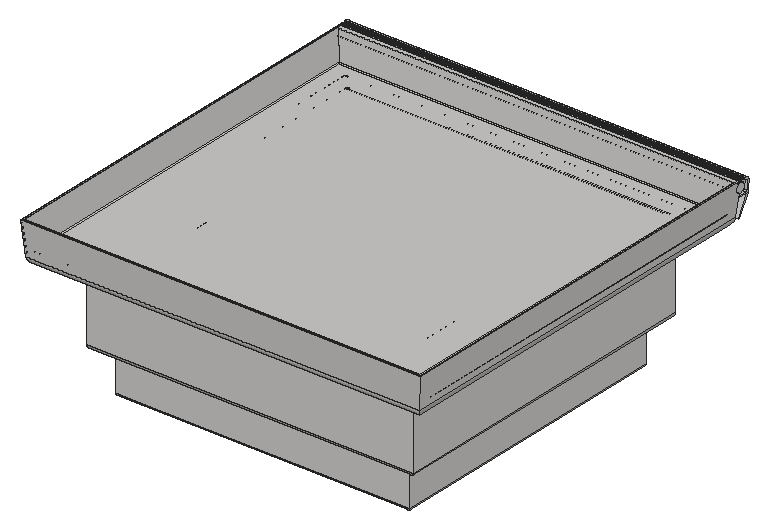
Revit family "NLRS_33_GM_FB_TC_STORAX_vloerluik_BV-GD_Thermo_BCB", category Generic Models, host Face, Revit 2014
Parameters (values of type "maatwerk")
  vullen_met_beton = "ja"  # constant formula
  vergrendeling = "nee"  # constant formula
  uitwendige_lengte = 752 mm
  uitwendige_breedte = 735 mm
  sluiting = "0"  # constant formula
  scharnierend = "ja"  # constant formula
  rubberen_afdichting = "enkel"  # constant formula
  productgroep = "Vloerluiken"  # constant formula
  materiaal = bcb_staal
  inbouwhoogte [instance] = 75 mm
  geïsoleerd = "ja"  # constant formula
  gewicht = "0"
  gasveer 2 = yes
  gasdrukveer = "ja"  # constant formula
  brandwerend 90 min = "nee"  # constant formula
  binnenmaat_lengte = uitwendige_lengte - 152 mm  # 600 mm
  binnenmaat_breedte = uitwendige_breedte - 135 mm  # 600 mm
  binnenluik = "tbv betonvulling"  # constant formula
  belasting = "125 kN"  # constant formula
  URL = ""
  Model = "BV"  # constant formula
  Manufacturer = "Storax"  # constant formula
  Default Elevation = 0 mm
Types (8, lengths in mm): name | uitwendige_lengte | uitwendige_breedte | gewicht | gasveer 2 | binnenmaat_lengte | binnenmaat_breedte
  (no name) | 752 | 735 | "0" | yes | 600 | 600
  BV-GD Thermo 66 | 752 | 735 | "32" | no | 600 | 600
  BV-GD Thermo 86 | 752 | 935 | "39" | yes | 600 | 800
  BV-GD Thermo 88 | 952 | 935 | "45" | yes | 800 | 800
  BV-GD Thermo 106 | 752 | 1135 | "46" | yes | 600 | 1000
  BV-GD Thermo 108 | 952 | 1135 | "51" | yes | 800 | 1000
  BV-GD Thermo 110 | 952 | 1135 | "58" | yes | 800 | 1000
  maatwerk | 752 | 735 | "0" | yes | 600 | 600
Reference planes
  plane 1 "Center (Front/Back)": y = 0
  plane 2: z = 0
  plane 3 "Center (Left/Right)": x = 0
  plane 4: y = 367.5
  plane 5: y = -367.5
  plane 6: x = 367.5
  plane 7: x = -367.5
  plane 8: z = -75
  plane 9: x = -325.5
  plane 10: y = 325.5
  plane 11: y = -325.5
  plane 12: x = 325.5
  plane 13: x = -205.5
  plane 14: x = 205.5
  plane 15: y = -205.5
  plane 16: y = 205.5
  plane 17 "o.k. luik": z = -53.988
  plane 18: y = 300
  plane 19: x = -299.5
  plane 20: x = 299.5
  plane 21: y = 365.4
  plane 22: y = 360.5
  plane 23: y = 384.5
  plane 24: x = -267
  plane 25: x = 267
  plane 26: y = -267
  plane 27: y = 267.5
  plane 28: x = -216
  plane 29: x = 216
Forms (mm)
  Sweep 1, solid, material "bcb_staal" <- "materiaal", detail levels medium+fine
    path origin (0, 0, 0) x (1, 0, 0) y (0, 1, 0)
      loop
        line (-367.5, 367.5) -> (-367.5, -367.5) -> (367.5, -367.5) -> (367.5, 367.5) -> (-367.5, 367.5)
    profile origin (-367.5, 0, 0) x (-1, 0, 0) y (0, 0, 1)
      loop
        line (0, 0) -> (-2.01, 0) -> (-8.062, -60.739)
        arc (-8.062, -60.739) -> (-19.025, -71.913) -> (-32.302, -63.62) r 12.5
        line (-32.302, -63.62) -> (-34.724, -56.679)
        arc (-34.724, -56.679) -> (-38.41, -54.001) -> (-42.212, -56.51) r 4
        line (-42.212, -56.51) -> (-44.362, -61.868)
        arc (-44.362, -61.868) -> (-48.269, -64.946) -> (-52.899, -63.13) r 5
        line (-52.899, -63.13) -> (-56.64, -57.982)
        arc (-56.64, -57.982) -> (-63.349, -55.792) -> (-67.5, -61.5) r 6
        line (-67.5, -61.5) -> (-67.5, -75) -> (-65.5, -75) -> (-65.5, -61.5)
        arc (-65.5, -61.5) -> (-62.734, -57.695) -> (-58.262, -59.152) r 4
        line (-58.262, -59.152) -> (-54.667, -64.109)
        arc (-54.667, -64.109) -> (-48.142, -66.947) -> (-42.504, -62.607) r 7
        line (-42.504, -62.607) -> (-40.356, -57.255)
        arc (-40.356, -57.255) -> (-38.451, -56.001) -> (-36.61, -57.346) r 2
        line (-36.61, -57.346) -> (-34.19, -64.279)
        arc (-34.19, -64.279) -> (-18.789, -73.899) -> (-6.071, -60.938) r 14.5
        line (-6.071, -60.938) -> (0, 0)
  Sweep 2, solid, material "bcb_staal" <- "materiaal", detail levels medium+fine
    path origin (0, 0, 0) x (1, 0, 0) y (0, 1, 0)
      loop
        line (-367.5, 360.5) -> (-367.5, -367.5) -> (367.5, -367.5) -> (367.5, 360.5) -> (-367.5, 360.5)
    profile origin (-367.5, -3.5, 0) x (-1, 0, 0) y (0, 0, 1)
      loop
        line (-10.487, -50.628) -> (-2.484, 0) -> (-4.5, 0) -> (-12.438, -50.313)
        arc (-12.438, -50.313) -> (-13.121, -51.538) -> (-14.437, -52.024) r 2.024
        line (-14.437, -52.024) -> (-67.5, -52.024) -> (-67.5, -53.988) -> (-14.751, -53.988)
        arc (-14.751, -53.988) -> (-11.962, -53.142) -> (-10.487, -50.628) r 4
  Sweep 3, solid, material "bcb_staal" <- "materiaal", detail levels coarse
    path origin (0, 0, 0) x (1, 0, 0) y (0, 1, 0)
      loop
        line (-367.5, 360.5) -> (-367.5, -367.5) -> (367.5, -367.5) -> (367.5, 360.5) -> (-367.5, 360.5)
    profile origin (-367.5, -3.5, 0) x (-1, 0, 0) y (0, 0, 1)
      loop
        line (0, 0) -> (-4.5, 0) -> (-12.74, -52.024) -> (-67.5, -52.024) -> (-67.5, -75) -> (-7.473, -75) -> (0, 0)
  Extrusion 4, solid, material "bcb_staal" <- "materiaal", detail levels medium+fine
    sketch origin (0, 0, 0) x (1, 0, 0) y (0, 1, 0)
      loop
        line (-300, 300) -> (-300, -300) -> (300, -300) -> (300, 300) -> (-300, 300)
    from -53.988 to -52
  Extrusion 5, solid, material "bcb_staal" <- "materiaal", detail levels coarse
    sketch origin (0, 0, 0) x (1, 0, 0) y (0, 1, 0)
      loop
        line (-300, 293) -> (-300, -300) -> (300, -300) -> (300, 293) -> (-300, 293)
    from -75 to -52.024
  Extrusion 6, void
    sketch origin (0, 0, 0) x (1, 0, 0) y (0, 1, 0)
      loop
        line (-205.5, -205.5) -> (205.5, -205.5) -> (205.5, 205.5) -> (-205.5, 205.5) -> (-205.5, -205.5)
    from -500 to 10
  Sweep 7, void
    path origin (0, 0, 0) x (1, 0, 0) y (0, 1, 0)
      loop
        line (-367.5, 367.5) -> (-367.5, -367.5) -> (367.5, -367.5) -> (367.5, 367.5) -> (-367.5, 367.5)
    profile origin (-367.5, 0, 0) x (-1, 0, 0) y (0, 0, 1)
      loop
        line (0.498, 5) -> (-162, 5) -> (-162, -365) -> (-65.5, -365) -> (-65.5, -75) -> (-7.473, -75) -> (0.498, 5)
  Extrusion 8, solid, material "bcb_staal" <- "materiaal", detail levels medium+fine
    sketch origin (0, 0, 0) x (0, 1, 0) y (0, 0, 1)
      loop
        line (379.61, 0) -> (377.11, 0) -> (377.11, -2) -> (379.61, -2)
        arc (379.61, -2) -> (381.378, -2.732) -> (382.11, -4.5) r 2.5
        line (382.11, -4.5) -> (382.11, -21.5)
        arc (382.11, -21.5) -> (381.378, -23.268) -> (379.61, -24) r 2.5
        line (379.61, -24) -> (365.11, -24) -> (365.11, -26) -> (379.61, -26)
        arc (379.61, -26) -> (382.792, -24.682) -> (384.11, -21.5) r 4.5
        line (384.11, -21.5) -> (384.11, -4.5)
        arc (384.11, -4.5) -> (382.792, -1.318) -> (379.61, 0) r 4.5
    from -367.5 to 367.5
  Extrusion 9, solid, material "bcb_staal" <- "materiaal", detail levels medium+fine
    sketch origin (0, 0, 0) x (0, 1, 0) y (0, 0, 1)
      loop
        line (361.507, -60.04) -> (363.234, -61.048) -> (383.411, -26.51) -> (383.411, -23.909)
        arc (383.411, -23.909) -> (382.649, -24.819) -> (381.676, -25.498) r 4.5
        line (381.676, -25.498) -> (361.507, -60.04)
    from -367.5 to 367.5
  Extrusion 10, solid, material "bcb_staal" <- "materiaal", detail levels medium+fine
    sketch origin (0, 0, 0) x (0, 1, 0) y (0, 0, 1)
      loop
        circle (365.4, -11) r 8
    from -367.5 to 367.5
  Extrusion 11, solid, material "bcb_staal" <- "materiaal", detail levels coarse
    sketch origin (0, 0, -2) x (0, 1, 0) y (0, 0, 1)
      loop
        line (363.234, -61.048) -> (384.11, -25.313) -> (384.11, 2) -> (354.11, 2) -> (354.11, -73) -> (360.226, -73) -> (361.417, -61.048) -> (363.234, -61.048)
    from -367.5 to 367.5
  Sweep 12, void
    path origin (0, 0, 0) x (1, 0, 0) y (0, 1, 0)
      loop
        line (-367.5, 367.5) -> (367.5, 367.5)
    profile origin (0, 367.5, 0) x (0, 1, 0) y (0, 0, 1)
      loop
        line (16.61, 2) -> (-13.39, 2) -> (-13.39, -75) -> (-7.473, -75) -> (-6.083, -61.048) -> (-4.266, -61.048) -> (16.61, -25.313) -> (16.61, 2)
  Extrusion 13, solid, material "bcb_staal" <- "materiaal", detail levels medium+fine
    sketch origin (0, 0, 0) x (0, 1, 0) y (0, 0, 1)
      loop
        arc (370.504, -2) -> (372.979, -3.025) -> (374.004, -5.5) r 3.5
        line (374.004, -5.5) -> (374.004, -7) -> (376.004, -7) -> (376.004, -5.5)
        arc (376.004, -5.5) -> (374.393, -1.611) -> (370.504, 0) r 5.5
        line (370.504, 0) -> (356, 0) -> (355.683, -2) -> (370.504, -2)
    from -367.5 to 367.5
  Sweep 14, solid, material "bcb_staal" <- "materiaal"
    path origin (0, 0, 0) x (1, 0, 0) y (0, 1, 0)
      loop
        line (-367.5, 367.5) -> (-367.5, -367.5) -> (367.5, -367.5) -> (367.5, 367.5) -> (-367.5, 367.5)
    profile origin (-367.5, 0, 0) x (-1, 0, 0) y (0, 0, 1)
      loop
        line (-85.5, -215) -> (-85.5, -213.5) -> (-96.505, -213.5)
        arc (-96.505, -213.5) -> (-98.27, -214.234) -> (-99, -216) r 2.5
        line (-99, -216) -> (-99, -294)
        arc (-99, -294) -> (-99.293, -294.707) -> (-100.001, -295) r 1
        line (-100.001, -295) -> (-139.5, -295) -> (-139.5, -296.5) -> (-100.003, -296.5)
        arc (-100.003, -296.5) -> (-98.235, -295.768) -> (-97.503, -294) r 2.5
        line (-97.503, -294) -> (-97.5, -215.979)
        arc (-97.5, -215.979) -> (-97.213, -215.287) -> (-96.521, -215) r 0.979
        line (-96.521, -215) -> (-85.5, -215)
  Extrusion 15, solid, material "bcb_polystyreen"
    sketch origin (0, 0, 0) x (1, 0, 0) y (0, 1, 0)
      loop
        line (-267, 267.501) -> (-267, -267) -> (267, -267) -> (267, 267.501) -> (-267, 267.501)
    from -295 to -213.5
  Sweep 16, solid, material "bcb_staal" <- "materiaal"
    path origin (0, 0, 0) x (1, 0, 0) y (0, 1, 0)
      loop
        line (-367.5, 367.5) -> (-367.5, -367.5) -> (367.5, -367.5) -> (367.5, 367.5) -> (-367.5, 367.5)
    profile origin (-367.5, 0, 0) x (-1, 0, 0) y (0, 0, 1)
      loop
        line (-67.5, -212) -> (-67.5, -60) -> (-69.5, -60) -> (-69.5, -212)
        arc (-69.5, -212) -> (-70.379, -214.121) -> (-72.5, -215) r 3
        line (-72.5, -215) -> (-94.5, -215) -> (-94.5, -217) -> (-72.5, -217)
        arc (-72.5, -217) -> (-68.964, -215.536) -> (-67.5, -212) r 5
Cuts and joins
  joined: Sweep 2, Extrusion 4, Extrusion 13
  joined: Sweep 3, Extrusion 5
Text (mm)
  text "Indien u deze familie geopend hebt vanuit het project via Edit Family: Niet Opslaan!\n\nOpen de familie via File - Open Family om de familie aan te passen.\n\n\n\nMocht u zelf aanpassingen willen aanbrengen in een type van de family, \n\npak dan het type maatwerk en neem contact op met Storax." at (-0.374, 589.999, 0), in view "Ref. Level"
Dimensions and locks
  equal spacing: plane 7, plane 3 "Center (Left/Right)", plane 6
  "uitwendige_breedte": plane 7 to plane 6
  equal spacing: plane 4, plane 1 "Center (Front/Back)", plane 5
  locked: plane 4 to plane 10 at 42
  locked: plane 7 to plane 9 at 42
  locked: plane 12 to plane 6 at 42
  locked: plane 5 to plane 11 at 42
  locked: plane 9 to plane 13 at 120
  locked: plane 14 to plane 12 at 120
  locked: plane 15 to plane 11 at 120
  locked: plane 10 to plane 16 at 120
  locked: plane 10 to plane 18 at 25.5
  locked: plane 9 to plane 19 at 26
  locked: plane 20 to plane 12 at 26
  locked: plane 4 to plane 22 at 7
  locked: plane 23 to plane 4 at 17
  "uitwendige_lengte": plane 23 to plane 5
  locked: plane 19 to plane 24 at 32.5
  locked: plane 25 to plane 20 at 32.5
  locked: plane 11 to plane 26 at 58.5
  locked: plane 18 to plane 27 at 32.5
  locked: plane 24 to plane 28 at 51
  locked: plane 29 to plane 25 at 51
  locked: plane 22 to plane 21 at 4.9
  aligned and locked: plane 2 to host face
  aligned and locked: level to host face
  aligned and locked: Sweep 1 sketch curve to plane 4
  aligned and locked: plane 7 to Sweep 1 sketch curve
  aligned and locked: plane 5 to Sweep 1 sketch curve
  aligned and locked: Sweep 1 sketch curve to plane 6
  aligned and locked: Sweep 2 sketch curve to Sweep 1  (x2)
  aligned and locked: Sweep 1 to Sweep 2 sketch curve
  aligned and locked: Sweep 3 sketch curve to Sweep 1  (x2)
  aligned and locked: Sweep 1 to Sweep 3 sketch curve
  aligned and locked: Extrusion 4 sketch curve to Sweep 1  (x4)
  aligned and locked: Extrusion 5 sketch curve to Sweep 3  (x2)
  aligned and locked: Extrusion 5 sketch curve to Sweep 1
  aligned and locked: Sweep 1 to Extrusion 5 sketch curve
  aligned and locked: Extrusion 6 to plane 16
  aligned and locked: Extrusion 6 to plane 14
  aligned and locked: Extrusion 6 to plane 15
  aligned and locked: Extrusion 6 to plane 13
  aligned and locked: Sweep 7 sketch curve to plane 4
  aligned and locked: Sweep 7 sketch curve to plane 6
  aligned and locked: plane 5 to Sweep 7 sketch curve
  aligned and locked: plane 7 to Sweep 7 sketch curve
  aligned and locked: plane 7 to Sweep 12 sketch curve
  aligned and locked: plane 6 to Sweep 12 sketch curve
  aligned and locked: Sweep 2 sketch curve to plane 22
  aligned and locked: Sweep 3 sketch curve to plane 22
  aligned and locked: cut or joined group of Sweep 2, Extrusion 4, Extrusion 13 to plane 7
  aligned and locked: plane 6 to cut or joined group of Sweep 2, Extrusion 4, Extrusion 13
  aligned and locked: plane 6 to Extrusion 10
  aligned and locked: plane 6 to Extrusion 8
  aligned and locked: plane 6 to Extrusion 9
  aligned and locked: Extrusion 8 to plane 7
  aligned and locked: Extrusion 10 to plane 7
  aligned and locked: Extrusion 9 to plane 7
  aligned and locked: Extrusion 11 to plane 7
  aligned and locked: plane 6 to Extrusion 11
  aligned and locked: Sweep 14 sketch curve to Extrusion 11
  aligned and locked: Sweep 14 sketch curve to Sweep 1  (x2)
  aligned and locked: Sweep 14 sketch curve to plane 4
  aligned and locked: Sweep 14 to Extrusion 15 sketch curve
  aligned and locked: Extrusion 15 sketch curve to plane 26
  aligned and locked: plane 25 to Extrusion 15 sketch curve
  aligned and locked: plane 24 to Extrusion 15 sketch curve
  aligned and locked: Sweep 16 sketch curve to Extrusion 11
  aligned and locked: Sweep 16 sketch curve to Sweep 1  (x2)
  aligned and locked: Sweep 16 sketch curve to plane 4
  aligned and locked: nested 1 to Sweep 16
  aligned and locked: plane 28 to nested 1
  aligned and locked: nested 2 to plane 29
  aligned and locked: Sweep 16 to nested 2
Automatic sketch dimensions
  host sketch curve to host sketch curve = 2000 mm  (x2)
  Sweep 1 sketch curve to profile plane = 0 mm
  profile plane to Sweep 1 sketch curve = 6.071 mm
  Sweep 1 sketch curve to Sweep 1 sketch curve = 1.99 mm
  Sweep 1 sketch curve to Sweep 1 sketch curve = 12.438 mm
  Sweep 1 sketch curve to Sweep 1 sketch curve = 0 mm  (x6)
  Sweep 1 sketch curve to Sweep 1 sketch curve = 11.802 mm
  Sweep 1 sketch curve to Sweep 1 sketch curve = 1.888 mm
  Sweep 1 sketch curve to Sweep 1 sketch curve = 2.423 mm
  Sweep 1 sketch curve to Sweep 1 sketch curve = 1.886 mm
  Sweep 1 sketch curve to Sweep 1 sketch curve = 1.89 mm
  Sweep 1 sketch curve to Sweep 1 sketch curve = 1.856 mm  (x2)
  Sweep 1 sketch curve to Sweep 1 sketch curve = 2.147 mm
  Sweep 1 sketch curve to Sweep 1 sketch curve = 1.858 mm
  Sweep 1 sketch curve to Sweep 1 sketch curve = 4.638 mm
  Sweep 1 sketch curve to Sweep 1 sketch curve = 3.899 mm
  Sweep 1 sketch curve to Sweep 1 sketch curve = 1.768 mm
  Sweep 1 sketch curve to Sweep 1 sketch curve = 3.741 mm
  Sweep 1 sketch curve to Sweep 1 sketch curve = 1.622 mm
  Sweep 1 sketch curve to Sweep 1 sketch curve = 3.238 mm
  Sweep 1 sketch curve to Sweep 1 sketch curve = 4 mm
  Sweep 1 sketch curve to Sweep 1 sketch curve = 2 mm
  Sweep 1 sketch curve to level = 56.51 mm
  Sweep 1 sketch curve to Sweep 1 sketch curve = 0.169 mm
  Sweep 1 sketch curve to Sweep 1 sketch curve = 0.745 mm
  Sweep 1 sketch curve to Sweep 1 sketch curve = 0.654 mm
  Sweep 1 sketch curve to Sweep 1 sketch curve = 1.471 mm
  Sweep 1 sketch curve to Sweep 1 sketch curve = 1.17 mm
  Sweep 1 sketch curve to Sweep 1 sketch curve = 2.821 mm
  Sweep 1 sketch curve to Sweep 1 sketch curve = 3.49 mm
  Sweep 1 sketch curve to Sweep 1 sketch curve = 1.239 mm
  Sweep 1 sketch curve to Sweep 1 sketch curve = 0.198 mm
  Sweep 1 sketch curve to Sweep 1 sketch curve = 1.867 mm
  Sweep 1 sketch curve to Sweep 1 sketch curve = 0.739 mm
  Sweep 1 sketch curve to Sweep 1 sketch curve = 13.5 mm
  profile plane to Sweep 1 sketch curve = 2.01 mm
  Sweep 1 sketch curve to Sweep 1 sketch curve = 60.938 mm
  Sweep 2 sketch curve to level = 0 mm
  profile plane to Sweep 2 sketch curve = 14.751 mm
  Sweep 2 sketch curve to Sweep 2 sketch curve = 0.313 mm  (x2)
  Sweep 2 sketch curve to Sweep 2 sketch curve = 0 mm  (x2)
  Sweep 2 sketch curve to Sweep 2 sketch curve = 1.95 mm
  Sweep 2 sketch curve to Sweep 2 sketch curve = 0.315 mm
  Sweep 2 sketch curve to Sweep 2 sketch curve = 53.063 mm
  profile plane to Sweep 2 sketch curve = 4.5 mm
  Sweep 2 sketch curve to Sweep 2 sketch curve = 2.016 mm
  Sweep 2 sketch curve to level = 52.024 mm
  Sweep 2 sketch curve to Sweep 2 sketch curve = 1.963 mm
  Sweep 3 sketch curve to level = 0 mm
  Sweep 3 sketch curve to profile plane = 0 mm
  profile plane to Sweep 3 sketch curve = 4.5 mm
  profile plane to Sweep 3 sketch curve = 12.74 mm
  Sweep 3 sketch curve to Sweep 3 sketch curve = 54.76 mm
  Sweep 3 sketch curve to level = 52.024 mm
  profile plane to Sweep 3 sketch curve = 7.473 mm
  Sweep 3 sketch curve to Sweep 3 sketch curve = 22.976 mm
  Extrusion 6 sketch curve to plane 11 = 120 mm
  Extrusion 6 sketch curve to plane 1 "Center (Front/Back)" = 205.5 mm
  Extrusion 6 sketch curve to plane 13 = 0 mm
  Extrusion 6 sketch curve to plane 14 = 0 mm
  level to Sweep 7 sketch curve = 5 mm
  profile plane to Sweep 7 sketch curve = 162 mm
  profile plane to Sweep 7 sketch curve = 65.5 mm
  profile plane to Sweep 7 sketch curve = 7.473 mm
  Sweep 7 sketch curve to profile plane = 0.498 mm
  Sweep 7 sketch curve to level = 75 mm
  Sweep 7 sketch curve to Sweep 7 sketch curve = 290 mm
  Extrusion 8 sketch curve to Extrusion 8 sketch curve = 0 mm  (x4)
  Extrusion 8 sketch curve to level = 0 mm
  Extrusion 8 sketch curve to plane 4 = 2.39 mm
  plane 4 to Extrusion 8 sketch curve = 9.61 mm
  Extrusion 8 sketch curve to Extrusion 8 sketch curve = 2.5 mm  (x2)
  plane 4 to Extrusion 8 sketch curve = 12.11 mm
  Extrusion 8 sketch curve to Extrusion 8 sketch curve = 2 mm
  Extrusion 8 sketch curve to Extrusion 8 sketch curve = 17 mm
  Extrusion 8 sketch curve to Extrusion 8 sketch curve = 0.001 mm
  Extrusion 9 sketch curve to plane 4 = 5.993 mm
  Extrusion 9 sketch curve to Extrusion 9 sketch curve = 1.727 mm
  plane 17 "o.k. luik" to Extrusion 9 sketch curve = 7.061 mm
  Extrusion 9 sketch curve to Extrusion 9 sketch curve = 1.009 mm
  plane 4 to Extrusion 9 sketch curve = 14.176 mm
  Extrusion 9 sketch curve to Extrusion 9 sketch curve = 1.735 mm
  Extrusion 9 sketch curve to level = 26.51 mm
  Extrusion 9 sketch curve to Extrusion 9 sketch curve = 1.012 mm
  Extrusion 9 sketch curve to Extrusion 9 sketch curve = 1.589 mm
  Extrusion 9 sketch curve to Extrusion 9 sketch curve = 2.066 mm
  Extrusion 10 sketch curve to plane 21 = 0 mm
  Sweep 12 sketch curve to plane 4 = 0 mm
  Extrusion 10 sketch curve to level = 11 mm
  Extrusion 11 sketch curve to level = 0 mm
  Extrusion 11 sketch curve to plane 22 = 6.39 mm
  plane 22 to Extrusion 11 sketch curve = 0.917 mm
  Extrusion 11 sketch curve to Extrusion 11 sketch curve = 1.817 mm
  plane 4 to Extrusion 11 sketch curve = 16.61 mm
  Extrusion 11 sketch curve to level = 27.313 mm
  plane 17 "o.k. luik" to Extrusion 11 sketch curve = 9.061 mm
  Extrusion 11 sketch curve to plane 22 = 0.274 mm
  Extrusion 11 sketch curve to plane 8 = 0 mm
  Extrusion 13 sketch curve to level = 0 mm
  plane 4 to Extrusion 13 sketch curve = 3.004 mm
  Extrusion 13 sketch curve to plane 22 = 4.817 mm
  Extrusion 13 sketch curve to Extrusion 13 sketch curve = 0.317 mm
  Extrusion 13 sketch curve to Extrusion 13 sketch curve = 0 mm  (x2)
  Extrusion 13 sketch curve to Extrusion 13 sketch curve = 2 mm
  Extrusion 13 sketch curve to level = 5.5 mm
  Extrusion 13 sketch curve to Extrusion 13 sketch curve = 1.5 mm
  level to Sweep 12 sketch curve = 2 mm
  profile plane to Sweep 12 sketch curve = 13.39 mm
  Sweep 12 sketch curve to Sweep 12 sketch curve = 5.917 mm
  profile plane to Sweep 12 sketch curve = 6.083 mm
  Sweep 12 sketch curve to Sweep 12 sketch curve = 1.817 mm
  Sweep 12 sketch curve to profile plane = 16.61 mm
  Sweep 12 sketch curve to level = 25.313 mm
  Sweep 12 sketch curve to Sweep 12 sketch curve = 35.736 mm
  Sweep 12 sketch curve to Sweep 12 sketch curve = 13.952 mm
  profile plane to Sweep 14 sketch curve = 139.5 mm
  Sweep 14 sketch curve to Sweep 14 sketch curve = 39.497 mm
  Sweep 14 sketch curve to Sweep 14 sketch curve = 0.002 mm
  Sweep 14 sketch curve to Sweep 14 sketch curve = 1.5 mm  (x2)
  Sweep 14 sketch curve to Sweep 14 sketch curve = 0.979 mm
  Sweep 14 sketch curve to Sweep 14 sketch curve = 0.016 mm
  Sweep 14 sketch curve to Sweep 14 sketch curve = 0.021 mm
  Sweep 14 sketch curve to Sweep 14 sketch curve = 11.005 mm
  Sweep 14 sketch curve to level = 296.5 mm
  Sweep 14 sketch curve to Sweep 14 sketch curve = 1 mm
  Sweep 14 sketch curve to Sweep 14 sketch curve = 0 mm  (x2)
  Sweep 14 sketch curve to Sweep 14 sketch curve = 78 mm
  Sweep 14 sketch curve to Sweep 14 sketch curve = 0.022 mm
  Sweep 16 sketch curve to Sweep 16 sketch curve = 0 mm  (x6)
  profile plane to Sweep 16 sketch curve = 94.5 mm
  Sweep 16 sketch curve to Sweep 16 sketch curve = 22 mm
  Sweep 16 sketch curve to level = 217 mm
  Sweep 16 sketch curve to Sweep 16 sketch curve = 2 mm  (x3)
  Sweep 16 sketch curve to Sweep 16 sketch curve = 3 mm  (x2)
  profile plane to Sweep 16 sketch curve = 69.5 mm
  Sweep 16 sketch curve to level = 60 mm
  radius of Extrusion 10 sketch curve = 8 mm
Nested families
  nested 1: "NLRS_33_GM_FB_TC_STORAX_vloerluik_BV-GD_Thermo_BCB_Gasveer" at (-282, 302, 0), type "NLRS_33_GM_FB_TC_STORAX_vloerluik_BV-GD_Thermo_BCB_Gasveer"
  nested 2: "NLRS_33_GM_FB_TC_STORAX_vloerluik_BV-GD_Thermo_BCB_Gasveer" at (282, 302, 0) x (-1, 0, 0) z (0, 0, 1), visible <- "gasveer 2", type "NLRS_33_GM_FB_TC_STORAX_vloerluik_BV-GD_Thermo_BCB_Gasveer"
Definition of nested family "NLRS_33_GM_FB_TC_STORAX_vloerluik_BV-GD_Thermo_BCB_Gasveer"
  Parameters (values of type "NLRS_33_GM_FB_TC_STORAX_vloerluik_BV-GD_Thermo_BCB_Gasveer")
    materiaal = bcb_staal
    gasveer hoek = no
    Default Elevation = 1219.2 mm
  Reference planes
    plane 1 "Center (Front/Back)": y = 0
    plane 2: z = 0
    plane 3 "Center (Left/Right)": x = 0
    plane 4: x = 66
    plane 5: through (0, -445.808, -79.195) normal (0, 0.1672, 0.9859)
  Forms (mm)
    Extrusion 1, solid
      sketch origin (0, 0, 0) x (1, 0, 0) y (0, 1, 0)
        loop
          line (-250, 250) -> (-250, -250) -> (-109.552, -250) -> (-109.552, 250) -> (-250, 250)
      from 0 to -100
    Extrusion 2, solid, material "bcb_rvs", detail levels fine
      sketch origin (0, 0, -54) x (0, 1, 0) y (0, 0, 1)
        loop
          line (-525.808, -0.198) -> (-525.808, -5.499) -> (-435.808, -5.499) -> (-435.808, -0.198) -> (-525.808, -0.198)
      from 37 to 68.5
    Extrusion 3, solid, material "bcb_rvs", detail levels fine
      sketch origin (0, 0, -54) x (0, 1, 0) y (0, 0, 1)
        loop
          line (-510.808, -40.195) -> (-450.808, -40.195)
          arc (-450.808, -40.195) -> (-440.201, -35.802) -> (-435.808, -25.195) r 15
          line (-435.808, -25.195) -> (-435.808, -0.198) -> (-525.808, -0.198) -> (-525.808, -25.195)
          arc (-525.808, -25.195) -> (-521.415, -35.802) -> (-510.808, -40.195) r 15
      from 63.5 to 68.5
    Revolve 4, solid, material "bcb_rvs", detail levels fine
      sketch origin (66, -142.471, 238.108) x (0, 1, 0) y (0, 0, 1)
        loop
          line (-262.396, -315.116) -> (-277.185, -312.609) -> (-278.689, -321.482) -> (90.822, -384.128) -> (92.327, -375.254) -> (77.538, -372.747) -> (77.203, -374.719) -> (64.599, -372.582) -> (65.094, -369.662)
          arc (65.094, -369.662) -> (64.405, -366.649) -> (61.788, -365.005) r 4.038
          line (61.788, -365.005) -> (-257.616, -310.855)
          arc (-257.616, -310.855) -> (-260.601, -311.537) -> (-262.229, -314.13) r 4
          line (-262.229, -314.13) -> (-262.396, -315.116)
        axis (-278.689, -321.482) -> (90.822, -384.128)
      angle from 0 to 360
    Extrusion 5, solid, material "bcb_rvs", detail levels fine
      sketch origin (0, 0, -54) x (0, 1, 0) y (0, 0, 1)
        loop
          line (-452.409, -34.219) -> (-422.831, -39.233) -> (-419.488, -19.515) -> (-449.066, -14.5)
          arc (-449.066, -14.5) -> (-460.597, -22.688) -> (-452.409, -34.219) r 10
      from 55 to 77
    Extrusion 6, solid, material "bcb_rvs", detail levels fine
      sketch origin (0, 0, -54) x (0, 1, 0) y (0, 0, 1)
        loop
          line (-49.977, -82.16) -> (-53.32, -101.879) -> (-23.742, -106.893)
          arc (-23.742, -106.893) -> (-12.211, -98.706) -> (-20.399, -87.175) r 10
          line (-20.399, -87.175) -> (-49.977, -82.16)
      from 55 to 77
    Extrusion 7, solid, material "bcb_rvs", detail levels fine
      sketch origin (0, 0, -54) x (0, 1, 0) y (0, 0, 1)
        loop
          line (-9, -77.198) -> (-23, -77.198)
          arc (-23, -77.198) -> (-33.607, -81.592) -> (-38, -92.198) r 15
          line (-38, -92.198) -> (-38, -100.198)
          arc (-38, -100.198) -> (-33.607, -110.805) -> (-23, -115.198) r 15
          line (-23, -115.198) -> (-9, -115.198) -> (-9, -77.198)
      from 63.5 to 68.5
    Extrusion 8, solid, material "bcb_rvs", detail levels fine
      sketch origin (0, 0, -54) x (0, 1, 0) y (0, 0, 1)
        loop
          line (-9, -77.198) -> (-9, -115.198) -> (-4, -115.198) -> (-4, -77.198) -> (-9, -77.198)
      from 37 to 68.5
    Sweep 9, solid, material "bcb_rvs", detail levels coarse+medium
      path origin (0, 0, 0) x (0, 1, 0) y (0, 0, 1)
        loop
          line (-460.597, -76.688) -> (-12.211, -152.706)
      profile origin (0, -236.404, -114.697) x (0, 0.167151, 0.985931) y (1, 0, 0)
        loop
          circle (0, 66) r 14
  Cuts and joins
    joined: Extrusion 2, Extrusion 3
    joined: Extrusion 7, Extrusion 8
  Dimensions and locks
    aligned and locked: plane 2 to Extrusion 1
    aligned and locked: level to Extrusion 1
